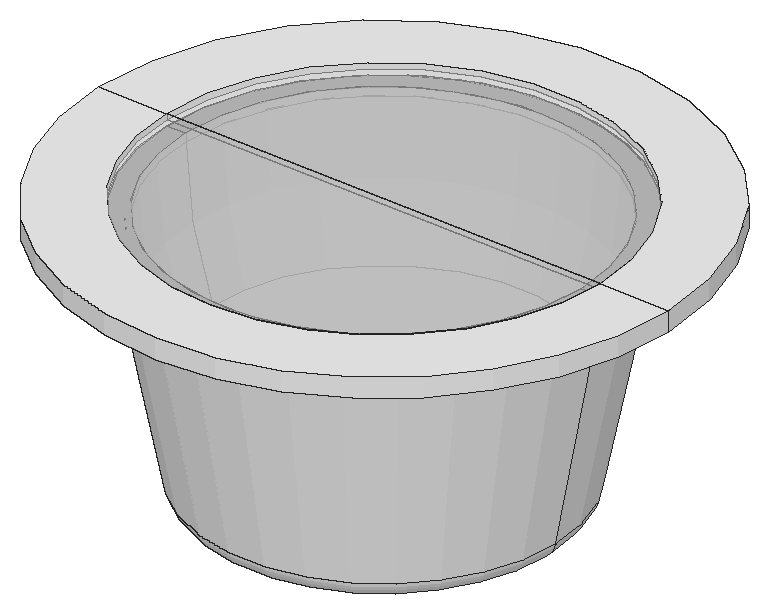
Revit family "2060562+2039013 Sylvania Lighting Fixture ASCENT 100 II ARCH 2700 3K DALI 160 with IP54 PC Cover", category Lighting Fixtures, host Face, Revit 2016
Family settings
  Host = Face
  Part Type = Normal
  Round Connector Dimension = Use Diameter
  OmniClass Number = 23.80.70.11.17
  OmniClass Title = Specialized Lighting by Location or Use
  Cut with Voids When Loaded = No
  Light Source = Yes
  Shared = No
  Room Calculation Point = No
Parameters (values of type "2060562+2039013 ASCT100 II ARCH 2700 3K DALI 160 with IP54 PC Cover")
  WidthBezelAcc_SYL = 25.0 mm
  Weight = "1.2 kg"
  Wattage = 21 W
  WarrantyStartDate [instance] = "n/a"
  WarrantyGuarantorParts = "n/a"
  WarrantyDurationUnit = "n/a"
  WarrantyDurationParts = "n/a"
  WarrantyDescription = "n/a"
  built-in parameter 1150110 = 1 (stored number, unit not read)
  Voltage = 0 V
  VisibilityAccessory_SYL = yes
  TypeName = "ASCENT 100 II ARCH 2700 3K DALI 160 with IP54 PC Cover"
  built-in parameter 1114217 = 1 (stored number, unit not read)
  Tilt Angle = -90°
  built-in parameter 1150109 = 1 (stored number, unit not read)
  built-in parameter 1150134 = (empty or 0)
  built-in parameter 1150113 = 1 (stored number, unit not read)
  SerialNumber [instance] = "n/a"
  ReflectorRadius_SYL = Radius_SYL - 14.5 mm  # 80.0 mm
  RadiusAcc_SYL = 105.0 mm
  Radius_SYL = 94.5 mm
  URL = "http://www.sylvania-lighting.com"
  PowerFactor = 0
  PowerConsumption = "21 W"
  Photometric Web File = "2060562.ies"
  NominalWidth = 0.0 mm
  NominalLength = 0.0 mm
  NominalHeight = 94.0 mm
  Name = "ASCENT 100 II ARCH 2700 3K DALI 160 with IP54 PC Cover"
  ModelReference = "ASCENT 100 II ARCH 2700 3K DALI 160 with IP54 PC Cover"
  ModelNumber = "2060562+2039013"
  Material_4_SYL = none
  Material_3_SYL = Polycarbonate_Sylvania_Ascent_Clear
  Material_2_SYL = Aluminium_Sylvania_Ascent_Silver
  Material_1_SYL = Aluminum_Sylvania_Ascent_White
  Material = "aluminium housing, arcylic diffuser"
  ManufacturerName = "Feilo Sylvania"
  LuminousEfficacy = "126 lm/W"
  built-in parameter 1150105 = 210.56 (stored number, unit not read)
  Lumens = 2646 lm
  LuminaireType = ""
  built-in parameter 1150115 = 1 (stored number, unit not read)
  LightOutputRatio = "100"
  built-in parameter 1150137 = (empty or 0)
  built-in parameter 1150139 = (empty or 0)
  LampsType = Lamp  # "LED"
  LampNominalLuminous = "2649 lm"
  LampMacAdamStep = "3"
  LampColourTemperature = "3000 K"
  LampColourRenderingIndex = "80"
  built-in parameter 1150112 = 1 (stored number, unit not read)
  built-in parameter 1150114 = 1 (stored number, unit not read)
  Keynote = "16500"
  InstallationDate [instance] = "n/a"
  InputVoltage = "n/a"
  InputNominalFrequency = "n/a"
  built-in parameter 1150132 = (empty or 0)
  built-in parameter 1150102 = (empty or 0)
  built-in parameter 1150107 = 3000 (stored number, unit not read)
  built-in parameter 1150138 = (empty or 0)
  IngressProtection = "IP54"
  ImpactProtectionIndex = "IK02"
  built-in parameter 1150106 = 2.1056 (stored number, unit not read)
  IfcExportType = "IfcLightFixtureType"
  IfcExportAs = "IfcLightFixtureType"
  Height_SYL = 94.0 mm
  HeightAcc_SYL = 7.0 mm
  ExpectedLife = 50000
  EmittionSurface_SYL = if(VisibilityAccessory_SYL, 7.0 mm, 3.0 mm)  # 7.0 mm
  Emit from Circle Diameter = DiffuserRadius_SYL * 2  # 146.0 mm
  Emit Shape Visible in Rendering = no
  ElectricShockClassification = "Class II"
  built-in parameter 1150104 = 11.706 (stored number, unit not read)
  DurationUnit = "hours"
  DocumentationLiterature = "http://www.sylvania-lighting.com/product/en-int/products/2060562"
  DimmingControlOptions = "n/a"
  Dimming Lamp Color Temperature Shift = <None>
  DiffuserRadius_SYL = ReflectorRadius_SYL - 7.0 mm  # 73.0 mm
  Diameter_SYL = 2 * Radius_SYL  # 189.0 mm
  CutoutDiameter_SYL = Diameter_SYL - 13.0 mm  # 176.0 mm
  CreatedOn = "9/17/2018"
  CreatedBy = "@sylvania-lighting.com"
  Color Filter = 16777215
  built-in parameter 1114216 [instance] = 1 (stored number, unit not read)
  Model = "ASCENT 100 II ARCH 2700 3K DALI 160 with IP54 PC Cover"
  Manufacturer = "Feilo Sylvania"
  Lamp = "LED"
  Description = "Direct LED retro fit for original LED 100 Arch (160) single CFL lamp offering Matching lumen levels and improved light distribution of original LED 100 CFL lamp equivalents Typically half the power consumption compared to CFL Up to 112lm/W 160mm aperture Architectural reflector accepts range of glass accessories from existing LED 100 Arch 160 offering HE, HO and VHO versions equivalent of single 1 x 18W, 1 x 32W, 1 x 42W\r\n Additional VVHO versions which offer the performance circa 2 x 32W equivalent"  # constant formula
  Default Elevation = 0.0 mm
  built-in parameter 1140040 [instance] = 1
  BarCode [instance] = "n/a"
  built-in parameter 1114218 = 1 (stored number, unit not read)
  built-in parameter 1150133 = 10 (stored number, unit not read)
  AssetType = "Fixed"
  AssetIdentifier [instance] = "n/a"
  Assembly Code = "D5020200"
  Apparent Load = 21 VA
  Aperture_SYL = 2 * ReflectorRadius_SYL  # 160.0 mm
Reference planes
  plane 1 "Center (Front/Back)": y = 0
  plane 2: z = 0
  plane 3 "Center (Left/Right)": x = 0
  plane 4 "Fixture Bottom": z = 3
  plane 5: z = -52.5
  plane 6 "Fixture Top": z = -91
  plane 7: x = -105
  plane 8: z = 7
  plane 9: x = -80
  plane 10: z = 5
  plane 11: x = -103
Forms (mm)
  Extrusion 1, solid, material "Aluminum_Sylvania_Ascent_White", detail levels fine
    sketch origin (0, 0, 0) x (1, 0, 0) y (0, 1, 0)
      loop
        circle (0, 0) r 94.5
      loop
        circle (0, 0) r 80
    from 0 to 3
  Extrusion 2, void
    sketch origin (0, 0, 0) x (1, 0, 0) y (0, 1, 0)
      loop
        circle (0, 0) r 88
    from -91 to 3
  Revolve 3, solid, material "Aluminum_Sylvania_Ascent_White" <- "Material_1_SYL", detail levels fine
    sketch origin (0, 0, 0) x (1, 0, 0) y (0, 0, 1)
      loop
        line (0, -91.073) -> (0, -89.023) -> (-55.468, -89.014)
        arc (-55.468, -89.014) -> (-59.352, -87.613) -> (-61.54, -84.139) r 6.307
        line (-61.54, -84.139) -> (-77.991, -2.844) -> (-77.991, 0) -> (-80, 0) -> (-80, -3) -> (-63.5, -84.536)
        arc (-63.5, -84.536) -> (-60.643, -89.203) -> (-55.5, -91.073) r 8.291
        line (-55.5, -91.073) -> (0, -91.073)
      axis (0, 0) -> (0, -91.073)
    angle from 0 to 360
  Revolve 4, solid, material "Aluminium_Sylvania_Ascent_Silver" <- "Material_2_SYL", detail levels fine
    sketch origin (0, 0, 0) x (1, 0, 0) y (0, 0, 1)
      loop
        line (-80, 3) -> (-80, 0) -> (-75, 0)
        arc (-75, 0) -> (-72.349, -26.77) -> (-64.5, -52.5) r 136.5
        line (-64.5, -52.5) -> (-58, -52.5)
        arc (-58, -52.5) -> (-56.857, -61.521) -> (-53.5, -69.971) r 36.166
        line (-53.5, -69.971) -> (0, -69.971) -> (0, -50.5) -> (-63.16, -50.5)
        arc (-63.16, -50.5) -> (-70.517, -25.725) -> (-73, 0) r 134.5
        line (-73, 0) -> (-73, 3) -> (-80, 3)
      axis (0, 3) -> (0, -69.971)
    angle from 0 to 360
  Extrusion 5, solid, material "Polycarbonate_Sylvania_Ascent_Clear" <- "Material_3_SYL", detail levels fine
    sketch origin (0, 0, 0) x (1, 0, 0) y (0, 1, 0)
      loop
        circle (0, 0) r 73
    from 0 to 3
  Revolve 6, solid, material "Aluminum_Sylvania_Ascent_White" <- "Material_1_SYL", detail levels coarse+medium
    sketch origin (0, 0, 0) x (1, 0, 0) y (0, 0, 1)
      loop
        line (0, -91.073) -> (0, 3) -> (-94.5, 3) -> (-94.5, 0) -> (-79.5, 0) -> (-79.5, -3) -> (-63, -84.536)
        arc (-63, -84.536) -> (-60.143, -89.203) -> (-55, -91.073) r 8.291
        line (-55, -91.073) -> (0, -91.073)
      axis (0, 3) -> (0, -91.073)
    angle from 0 to 360
  Revolve 7, solid, material "Aluminum_Sylvania_Ascent_White" <- "Material_1_SYL", visible <- "VisibilityAccessory_SYL"
    sketch origin (0, 0, 0) x (1, 0, 0) y (0, 0, 1)
      loop
        line (-105, 0) -> (-103, 0) -> (-103, 5) -> (-80, 5) -> (-80, 7) -> (-105, 7) -> (-105, 0)
      axis (0, 7) -> (0, 0)
    angle from 0 to 360
  Revolve 8, solid, material "Polycarbonate_Sylvania_Ascent_Clear" <- "Material_3_SYL", visible <- "VisibilityAccessory_SYL"
    sketch origin (0, 0, 0) x (1, 0, 0) y (0, 0, 1)
      loop
        line (-80, 7) -> (-80, 5) -> (0, 5) -> (0, 7) -> (-80, 7)
      axis (0, 7) -> (0, 5)
    angle from 0 to 360
Lines and regions (mm)
  reference lines
    curve 1: line (-150, 0, 7) -> (125, 0, 7)
Dimensions and locks
  locked: plane 4 "Fixture Bottom" to plane 2 at 3
  "Height_SYL": plane 4 "Fixture Bottom" to plane 6 "Fixture Top"
  "ReflectorRadius_SYL": plane 3 "Center (Left/Right)" to Revolve 4 sketch curve
  locked: Revolve 4 sketch curve to Revolve 4 sketch curve at 15.5
  locked: Revolve 4 sketch curve to Revolve 4 sketch curve at 5
  locked: Revolve 4 sketch curve to Revolve 4 sketch curve at 7
  locked: Revolve 4 sketch curve to Revolve 4 sketch curve at 22
  locked: Revolve 4 sketch curve to Revolve 4 sketch curve at 26.5
  locked: Revolve 3 sketch curve to Revolve 3 sketch curve at 16.5
  locked: Revolve 3 sketch curve to Revolve 3 sketch curve at 24.5
  "ReflectorRadius_SYL": Revolve 3 sketch curve to plane 3 "Center (Left/Right)"
  locked: Revolve 3 sketch curve to plane 6 "Fixture Top" at 6.464
  locked: plane 2 to Revolve 3 sketch curve at 3
  locked: Revolve 3 sketch curve to Revolve 3 sketch curve at 2
  locked: Revolve 3 sketch curve to Revolve 3 sketch curve at 2.009
  locked: plane 2 to plane 5 at 52.5
  locked: Revolve 6 sketch curve to Revolve 6 sketch curve at 31.5
  locked: Revolve 6 sketch curve to Revolve 6 sketch curve at 39.5
  locked: Revolve 6 sketch curve to Revolve 6 sketch curve at 15
  "Radius_SYL": plane 3 "Center (Left/Right)" to Revolve 6 sketch curve
  "RadiusAcc_SYL": plane 3 "Center (Left/Right)" to plane 7
  "HeightAcc_SYL": plane 8 to level
  "WidthBezelAcc_SYL": plane 7 to plane 9
  locked: plane 7 to plane 11 at 2
  locked: plane 8 to plane 10 at 2
  "EmittionSurface_SYL": curve 1 to level
  "CutoutDiameter_SYL": diameter of Extrusion 2 sketch curve
  "ReflectorRadius_SYL": radius of Extrusion 1 sketch curve
  "DiffuserRadius_SYL": radius of Extrusion 5 sketch curve
  "Radius_SYL": radius of Extrusion 1 sketch curve
  aligned and locked: host face to plane 2
  aligned and locked: host face to level
  aligned and locked: plane 4 "Fixture Bottom" to Extrusion 1
  aligned and locked: Extrusion 1 to plane 2
  aligned and locked: Revolve 3 sketch curve to plane 3 "Center (Left/Right)"
  aligned and locked: Revolve 4 sketch curve to plane 3 "Center (Left/Right)"  (x2)
  aligned and locked: plane 4 "Fixture Bottom" to Revolve 4 sketch curve
  aligned and locked: Extrusion 5 to plane 2
  aligned and locked: plane 2 to Revolve 3 sketch curve  (x2)
  aligned and locked: Revolve 6 sketch curve to plane 3 "Center (Left/Right)"
  aligned and locked: plane 6 "Fixture Top" to Extrusion 2
  aligned and locked: Revolve 7 sketch curve to plane 3 "Center (Left/Right)"
  aligned and locked: host face to Revolve 7 sketch curve  (x2)
  aligned and locked: Revolve 7 sketch curve to plane 7
  aligned and locked: plane 8 to Revolve 7 sketch curve
  aligned and locked: plane 9 to Revolve 7 sketch curve
  aligned and locked: Revolve 7 sketch curve to plane 10
  aligned and locked: plane 11 to Revolve 7 sketch curve
  aligned and locked: Revolve 7 to Revolve 8 sketch curve
  aligned and locked: Revolve 8 sketch curve to Revolve 7  (x2)
  aligned and locked: Revolve 8 sketch curve to plane 3 "Center (Left/Right)"  (x2)
  aligned and locked: plane 3 "Center (Left/Right)" to imposter light
  aligned and locked: imposter light to plane 1 "Center (Front/Back)"
  aligned and locked: imposter light to curve 1
Automatic sketch dimensions
  plane 1 "Center (Front/Back)" to Extrusion 2 sketch curve = 0.0 mm
  Extrusion 2 sketch curve to plane 3 "Center (Left/Right)" = 0.0 mm
  Extrusion 1 sketch curve to Extrusion 1 sketch curve = 0.0 mm  (x2)
  plane 1 "Center (Front/Back)" to Extrusion 1 sketch curve = 0.0 mm
  Extrusion 1 sketch curve to plane 3 "Center (Left/Right)" = 0.0 mm
  plane 6 "Fixture Top" to Revolve 3 sketch curve = 0.073 mm
  Revolve 3 sketch curve to plane 6 "Fixture Top" = 6.861 mm
  Revolve 3 sketch curve to Revolve 3 sketch curve = 0.003 mm
  Revolve 3 sketch curve to Revolve 3 sketch curve = 0.009 mm  (x2)
  Revolve 3 sketch curve to Revolve 3 sketch curve = 0.023 mm
  Revolve 3 sketch curve to Revolve 3 sketch curve = 0.072 mm
  Revolve 3 sketch curve to Revolve 3 sketch curve = 0.008 mm
  Revolve 3 sketch curve to plane 6 "Fixture Top" = 1.977 mm
  Revolve 3 sketch curve to Revolve 3 sketch curve = 33.496 mm
  Revolve 3 sketch curve to Revolve 3 sketch curve = 0.028 mm
  plane 4 "Fixture Bottom" to Revolve 3 sketch curve = 82.431 mm
  Revolve 4 sketch curve to Revolve 4 sketch curve = 0.0 mm  (x2)
  Revolve 4 sketch curve to plane 5 = 0.0 mm
  Revolve 4 sketch curve to level = 0.0 mm
  plane 5 to Revolve 4 sketch curve = 2.0 mm
  plane 4 "Fixture Bottom" to Revolve 4 sketch curve = 9.642 mm
  plane 1 "Center (Front/Back)" to Extrusion 5 sketch curve = 0.0 mm
  Extrusion 5 sketch curve to plane 3 "Center (Left/Right)" = 0.0 mm
  Revolve 4 sketch curve to level = 69.971 mm
  Revolve 4 sketch curve to Revolve 4 sketch curve = 2.387 mm
  Revolve 6 sketch curve to level = 0.0 mm
  Revolve 6 sketch curve to plane 3 "Center (Left/Right)" = 0.0 mm
  Revolve 6 sketch curve to Revolve 6 sketch curve = 8.104 mm
  Revolve 6 sketch curve to level = 3.0 mm
  Revolve 6 sketch curve to plane 6 "Fixture Top" = 6.464 mm
  plane 6 "Fixture Top" to Revolve 6 sketch curve = 0.073 mm
  Revolve 6 sketch curve to Revolve 6 sketch curve = 33.496 mm
  plane 4 "Fixture Bottom" to Revolve 6 sketch curve = 82.431 mm
  host sketch curve to host sketch curve = 1704.996 mm
  host sketch curve to host sketch curve = 1500.0 mm
  plane 6 "Fixture Top" to Revolve 7 sketch curve = 281.274 mm
  Revolve 7 sketch curve to plane 8 = 1140.706 mm
  plane 6 "Fixture Top" to Revolve 8 sketch curve = 281.274 mm
  Revolve 8 sketch curve to Revolve 8 sketch curve = 1140.706 mm
  Revolve 3 sketch curve to plane 3 "Center (Left/Right)" = 0.0 mm
  Revolve 6 sketch curve to plane 4 "Fixture Bottom" = 0.0 mm
  plane 7 to curve 1 = 45.0 mm
  plane 3 "Center (Left/Right)" to curve 1 = 125.0 mm
Connectors
  electrical at (0, 0, -91.073), driven by "Apparent Load"
    settings: on Revolve 3, index 1, voltage 240 V, apparent load 0 VA, apparent load phase1 21 VA, apparent load phase2 0 VA, apparent load phase3 0 VA, power factor 1, load classification "Lighting", number of poles 1, system type 31, power factor state 1, is connector primary yes, connector utility no, sub classification motor no, connector description ""
